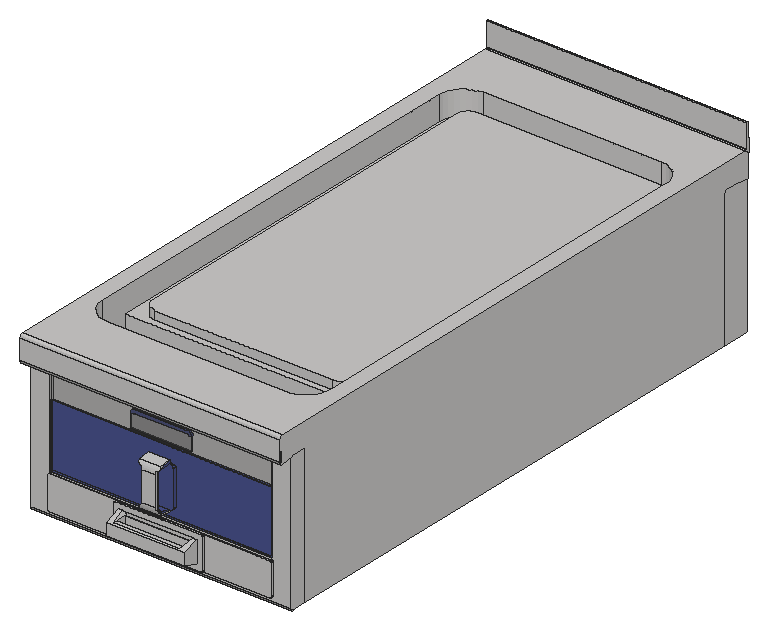
Revit family "QF_ELECTROLUXPROFESSIONAL_589089_MCHMABDOAO", category Specialty Equipment, Revit 2018
Family settings
  Round Connector Dimension = Use Diameter
  Part Type = Normal
  Work Plane-Based = No
  Always vertical = Yes
  Cut with Voids When Loaded = No
  Shared = No
  Room Calculation Point = No
Parameters
  Weight in Pounds = 152.1
  Watts = 5100 VA  # 5100 W
  Volts = 400 V  # constant formula
  URL Cutsheet = ""
  Type Mark [instance] = ""
  Status [instance] = ""
  Specification by User [instance] = ""
  Specification by Manufacturer = ""
  Show Clearance [instance] = yes
  Serial Number = ""
  Seismic Rating = ""
  SMACNA No = ""
  Revision Code [instance] = ""
  Phase = 3  # constant formula
  Omniclass Number and Title = ""
  Number of Poles [instance] = 1
  NAFEM Spec ID Number = ""
  Model = "589089"
  Min Ckt Ampacity = 0 A
  Max Overcurrent Protection = 0 A
  Masterspec = ""
  Manufacturer = "ELECTROLUX"
  Item Number [instance] = ""
  Installed By [instance] = ""
  Identify Quantity as Lot [instance] = yes
  HP = "6.8 HP"
  Furnished By [instance] = ""
  Foodservice Equipment Identifier [instance] = yes
  FL Amps [instance] = if(Phase = 3, Watts / (Volts * 1.73), Watts / Volts)  # 7.36994 A
  Electrical Remarks = "400 V/3N ph/50/60 Hz"  # constant formula
  Electric Connection Type [instance] = ""
  Elec Conn RI Height [instance] = 0 mm
  Elec Conn Connection Height [instance] = 0 mm
  Direct Waste Size = 0"
  Description = "EL.FRYTOP,SMOOTH PL,1S,BSPL,400X900X250"
  Cycle [instance] = if([60 Hertz Option], 60 Hz, 50 Hz)  # 60 Hz
  Conn Plug = ""
  Conn Conduit = yes
  CSI MasterFormat = ""
  CSI Master Format = ""
  Apparent Power [instance] = if(Phase = 3, Volts * FL Amps * 1.73, Volts * FL Amps)  # 5100 VA
  60 Hertz Option [instance] = not([50 Hertz Option])  # yes
  50 Hertz Option [instance] = no
Reference planes
  plane 1 "BACK": y = 0
  plane 2: z = 0
  plane 3 "LEFT": x = 0
  plane 4 "RIGHT": x = 400
  plane 5 "FRONT": y = -900
  plane 6 "TOP": z = 250
  plane 7: x = 200
  plane 8: y = -450
  plane 9: y = -1330
Forms (mm)
  Extrusion 1, solid, material "QF_Finishes_Stainless Steel"
    sketch origin (0, -487.128, 0) x (0, 1, 0) y (0, 0, 1)
      loop
        line (483.128, 250) -> (-408.872, 250)
        arc (-408.872, 250) -> (-411.7, 248.828) -> (-412.872, 246) r 4
        line (-412.872, 246) -> (-412.872, 214)
        arc (-412.872, 214) -> (-411.443, 210.936) -> (-408.177, 210.061) r 4
        line (-408.177, 210.061) -> (-391.509, 213) -> (-366.872, 213) -> (-366.872, 0) -> (441.128, 0) -> (441.128, 213) -> (465.765, 213) -> (482.433, 210.061)
        arc (482.433, 210.061) -> (485.699, 210.936) -> (487.128, 214) r 4
        line (487.128, 214) -> (487.128, 246)
        arc (487.128, 246) -> (485.956, 248.828) -> (483.128, 250) r 4
    from 0 to 400
  Extrusion 2, void
    sketch origin (653.786, 44.048, 250) x (1, 0, 0) y (0, -1, 0)
      loop
        line (-590.636, 133.048) -> (-316.936, 133.048)
        arc (-316.936, 133.048) -> (-289.96, 144.222) -> (-278.786, 171.198) r 38.15
        line (-278.786, 171.198) -> (-278.786, 816.572)
        arc (-278.786, 816.572) -> (-290.056, 843.779) -> (-317.263, 855.048) r 38.476
        line (-317.263, 855.048) -> (-591.786, 855.048)
        arc (-591.786, 855.048) -> (-617.949, 844.211) -> (-628.786, 818.048) r 37
        line (-628.786, 818.048) -> (-628.786, 171.198)
        arc (-628.786, 171.198) -> (-617.613, 144.222) -> (-590.636, 133.048) r 38.15
    from 0 to 37
  Extrusion 3, void
    sketch origin (1307.573, 92.096, 213) x (0, 1, 0) y (1, 0, 0)
      loop
        line (-821.846, -932.573) -> (-864.62, -932.573)
        arc (-864.62, -932.573) -> (-891.827, -943.842) -> (-903.096, -971.049) r 38.476
        line (-903.096, -971.049) -> (-903.096, -1245.573)
        arc (-903.096, -1245.573) -> (-892.259, -1271.736) -> (-866.096, -1282.573) r 37
        line (-866.096, -1282.573) -> (-821.846, -1282.573) -> (-821.846, -932.573)
    from 0 to 25.6
  Extrusion 4, void
    sketch origin (1307.573, 92.096, 187.4) x (-1, 0, 0) y (0, 1, 0)
      loop
        circle (1212.573, -862.096) r 22.248
    from 0 to 92
  Extrusion 5, solid, material "QF_Finishes_Stainless Steel"
    sketch origin (0, -854, 0) x (1, 0, 0) y (0, -1, 0)
      loop
        circle (355, -169) r 6.35
    from 0 to 3.2
  Extrusion 6, solid, material "QF_Door-Drawer Clearances", visible <- "Show Clearance", detail levels coarse
    sketch origin (237.31, -881.593, 8.62) x (0, 0, 1) y (-1, 0, 0)
      loop
        line (1.973, -134.295) -> (49.317, -134.295)
        arc (49.317, -134.295) -> (50.776, -133.691) -> (51.38, -132.232) r 2.063
        line (51.38, -132.232) -> (51.38, 206.852)
        arc (51.38, 206.852) -> (50.88, 208.549) -> (49.541, 209.705) r 3.133
        line (49.541, 209.705) -> (3.067, 209.705)
        arc (3.067, 209.705) -> (0.898, 208.807) -> (0, 206.638) r 3.067
        line (0, 206.638) -> (0, -132.322)
        arc (0, -132.322) -> (0.578, -133.717) -> (1.973, -134.295) r 1.973
    from 0 to 448.407
  Extrusion 7, solid, material "QF_Finishes_Stainless Steel"
    sketch origin (0, 0, 0) x (0, 1, 0) y (0, 0, 1)
      loop
        line (-2.951, 2) -> (-2.951, 210.133)
        arc (-2.951, 210.133) -> (-3.795, 210.009) -> (-4.646, 210.066) r 4
        line (-4.646, 210.066) -> (-21.287, 213) -> (-45, 213) -> (-45, 0) -> (-4.951, 0)
        arc (-4.951, 0) -> (-3.537, 0.586) -> (-2.951, 2) r 2
      loop
        arc (-1.951, 252.006) -> (-2.537, 250.592) -> (-3.951, 250.006) r 2
        arc (-3.951, 250.006) -> (-1.172, 248.828) -> (0, 246) r 4
        line (0, 246) -> (0, 288.006) -> (-1.951, 288.006) -> (-1.951, 252.006)
    from 400 to 0
  Extrusion 8, solid, material "QF_Finishes_Stainless Steel"
    sketch origin (653.786, 44.048, 213) x (1, 0, 0) y (0, 1, 0)
      loop
        line (-608.786, -161.361) -> (-608.786, -745.485)
        arc (-608.786, -745.485) -> (-603.47, -758.319) -> (-590.636, -763.635) r 18.15
        line (-590.636, -763.635) -> (-316.936, -763.635)
        arc (-316.936, -763.635) -> (-304.102, -758.319) -> (-298.786, -745.485) r 18.15
        line (-298.786, -745.485) -> (-298.786, -161.361)
        arc (-298.786, -161.361) -> (-304.102, -148.527) -> (-316.936, -143.211) r 18.15
        line (-316.936, -143.211) -> (-590.636, -143.211)
        arc (-590.636, -143.211) -> (-603.47, -148.527) -> (-608.786, -161.361) r 18.15
    from 0 to 13.3
Cuts and joins
  Extrusion 2, Extrusion 3, Extrusion 4 cuts Extrusion 1
Lines and regions (mm)
  symbolic lines
    curve 1: line (183.666, -902.326, 0) -> (183.666, -900, 0)
    curve 2: spline (189.334, -903.73, 0) -> (188.856, -903.657, 0) -> (188.378, -903.575, 0) -> (187.901, -903.486, 0) -> (187.425, -903.389, 0) -> (186.95, -903.283, 0) -> (186.476, -903.17, 0) -> (186.004, -903.049, 0) -> (185.533, -902.92, 0) -> (185.064, -902.783, 0) -> (184.596, -902.638, 0) -> (184.13, -902.486, 0) -> (183.666, -902.326, 0)
    curve 3: line (215.881, -902.326, 0) -> (215.881, -900, 0)
    curve 4: spline (215.881, -902.326, 0) -> (215.417, -902.486, 0) -> (214.951, -902.638, 0) -> (214.483, -902.783, 0) -> (214.014, -902.92, 0) -> (213.543, -903.049, 0) -> (213.071, -903.17, 0) -> (212.597, -903.283, 0) -> (212.122, -903.389, 0) -> (211.646, -903.486, 0) -> (211.169, -903.575, 0) -> (210.691, -903.657, 0) -> (210.213, -903.73, 0)
    curve 5: line (189.334, -903.73, 0) -> (210.213, -903.73, 0)
    curve 6: line (25, -774, 0) -> (25, -127.15, 0)
    curve 7: arc (25, -127.15, 0) -> (36.174, -100.174, 0) -> (63.15, -89, 0) r 38.15
    curve 8: line (63.15, -89, 0) -> (336.85, -89, 0)
    curve 9: arc (336.85, -89, 0) -> (363.826, -100.174, 0) -> (375, -127.15, 0) r 38.15
    curve 10: line (375, -127.15, 0) -> (375, -772.524, 0)
    curve 11: arc (375, -772.524, 0) -> (363.731, -799.731, 0) -> (336.524, -811, 0) r 38.476
    curve 12: line (336.524, -811, 0) -> (62, -811, 0)
    curve 13: arc (62, -811, 0) -> (35.837, -800.163, 0) -> (25, -774, 0) r 37
    curve 14: line (375, -729.75, 0) -> (25, -729.75, 0)
    curve 15: circle (95, -770, 0) r 22.248 normal (0, 0, -1)
    curve 16: line (0, 0, 0) -> (400, 0, 0)
    curve 17: line (0, -900, 0) -> (0, 0, 0)
    curve 18: line (400, -900, 0) -> (0, -900, 0)
    curve 19: line (400, 0, 0) -> (400, -900, 0)
    curve 20: line (147.608, -908.767, 0) -> (250.042, -908.767, 0)
    curve 21: line (250.042, -908.767, 0) -> (251.588, -900, 0)
    curve 22: line (147.608, -908.767, 0) -> (146.062, -900, 0)
  symbolic lines, style "QF_Door-Drawer Clearances"
    curve 23: line (27.605, -1330, 0) -> (27.605, -900, 0)
    curve 24: line (27.605, -1330, 0) -> (371.605, -1330, 0)
    curve 25: line (371.605, -1330, 0) -> (371.605, -900, 0)
  symbolic lines, style "SpecialityEquipment"
    curve 26: arc (355, -117.313, 0) -> (349.684, -104.479, 0) -> (336.85, -99.163, 0) r 18.15
    curve 27: line (336.85, -99.163, 0) -> (63.15, -99.163, 0)
    curve 28: arc (63.15, -99.163, 0) -> (50.316, -104.479, 0) -> (45, -117.313, 0) r 18.15
    curve 29: line (45, -117.313, 0) -> (45, -701.437, 0)
    curve 30: arc (45, -701.437, 0) -> (50.316, -714.271, 0) -> (63.15, -719.587, 0) r 18.15
    curve 31: line (63.15, -719.587, 0) -> (336.85, -719.587, 0)
    curve 32: arc (336.85, -719.587, 0) -> (349.684, -714.271, 0) -> (355, -701.437, 0) r 18.15
    curve 33: line (355, -701.437, 0) -> (355, -117.313, 0)
Dimensions and locks
  plane 3 "LEFT" to plane 4 "RIGHT" = 400 mm
  plane 5 "FRONT" to plane 1 "BACK" = 900 mm
  equal spacing: plane 3 "LEFT", plane 7, plane 4 "RIGHT"
  equal spacing: plane 5 "FRONT", plane 8, plane 1 "BACK"
  plane 6 "TOP" to level = 250 mm  (x2)
  plane 1 "BACK" to plane 5 "FRONT" = 900 mm
  Extrusion 5 sketch curve to plane 1 "BACK" = 685 mm
  Extrusion 5 sketch curve to plane 4 "RIGHT" = 45 mm
  plane 5 "FRONT" to plane 9 = 430 mm
  Extrusion 7 to plane 6 "TOP" = 38.006 mm
  Extrusion 7 to level = 288.006 mm
  plane 1 "BACK" to Extrusion 5 = 685 mm
  radius of Extrusion 8 sketch curve = 18.15 mm  (x4)
  aligned and locked: level to plane 2
  aligned and locked: plane 7 to nested 1
  aligned and locked: Extrusion 6 to plane 9
  aligned and locked: Extrusion 7 to plane 4 "RIGHT"
Automatic sketch dimensions
  Extrusion 1 to Extrusion 2 sketch curve = 85 mm  (x2)
  Extrusion 1 to Extrusion 2 sketch curve = 122 mm
  Extrusion 1 to Extrusion 2 sketch curve = 25 mm
  Extrusion 2 sketch curve to Extrusion 2 sketch curve = 38.15 mm  (x2)
  Extrusion 1 to Extrusion 2 sketch curve = 123.476 mm
  Extrusion 2 sketch curve to Extrusion 2 sketch curve = 274.524 mm
  Extrusion 1 sketch curve to plane 5 "FRONT" = 0 mm
  Extrusion 1 sketch curve to plane 6 "TOP" = 0 mm
  Extrusion 1 sketch curve to level = 0 mm
  Extrusion 1 sketch curve to plane 1 "BACK" = 0 mm
  Extrusion 1 sketch curve to plane 6 "TOP" = 37 mm  (x2)
  Extrusion 1 sketch curve to plane 5 "FRONT" = 4 mm
  Extrusion 1 sketch curve to plane 5 "FRONT" = 21.363 mm
  Extrusion 1 sketch curve to plane 5 "FRONT" = 46 mm
  plane 1 "BACK" to Extrusion 1 sketch curve = 21.363 mm
  plane 1 "BACK" to Extrusion 1 sketch curve = 4 mm  (x2)
  Extrusion 1 sketch curve to Extrusion 1 sketch curve = 4 mm
  Extrusion 1 sketch curve to Extrusion 1 sketch curve = 0.695 mm
  Extrusion 1 sketch curve to Extrusion 1 sketch curve = 0 mm  (x4)
  plane 1 "BACK" to Extrusion 1 sketch curve = 4.695 mm
  Extrusion 1 sketch curve to Extrusion 1 sketch curve = 1 mm  (x2)
  plane 1 "BACK" to Extrusion 1 sketch curve = 46 mm
  Extrusion 3 sketch curve to Extrusion 2 = 81.25 mm
  Extrusion 2 to Extrusion 3 sketch curve = 0 mm  (x2)
  Extrusion 3 sketch curve to Extrusion 3 sketch curve = 37 mm
  Extrusion 3 sketch curve to Extrusion 3 sketch curve = 274.524 mm
  Extrusion 3 sketch curve to Extrusion 2 = 38.476 mm
  Extrusion 4 sketch curve to Extrusion 3 = 41 mm
  Extrusion 4 sketch curve to Extrusion 3 = 70 mm
  Extrusion 6 sketch curve to nested 1 = 1.973 mm
  Extrusion 6 sketch curve to nested 1 = 2.853 mm
  Extrusion 6 sketch curve to nested 1 = 1.839 mm
  plane 1 "BACK" to curve 16 = 0 mm
  curve 16 to plane 4 "RIGHT" = 0 mm
  curve 23 to plane 9 = 0 mm
  curve 17 to plane 3 "LEFT" = 0 mm
  plane 5 "FRONT" to curve 25 = 0 mm
  plane 4 "RIGHT" to curve 10 = 25 mm
  curve 10 to curve 8 = 38.15 mm
  curve 11 to curve 12 = 38.476 mm
  plane 5 "FRONT" to curve 21 = 8.767 mm
  plane 5 "FRONT" to curve 3 = 2.326 mm
  plane 7 to curve 3 = 15.881 mm
  plane 5 "FRONT" to curve 5 = 3.73 mm
  curve 3 to curve 5 = 5.669 mm
  curve 5 to curve 22 = 62.605 mm
  curve 5 to curve 20 = 41.727 mm
  plane 5 "FRONT" to curve 1 = 2.326 mm
  curve 2 to curve 1 = 5.669 mm
  plane 3 "LEFT" to curve 8 = 63.15 mm
  plane 3 "LEFT" to curve 12 = 62 mm
  plane 3 "LEFT" to curve 23 = 27.605 mm
  plane 3 "LEFT" to curve 6 = 25 mm
  plane 4 "RIGHT" to curve 25 = 28.395 mm
  plane 5 "FRONT" to curve 4 = 4.032 mm
  curve 5 to curve 4 = 4.17 mm
  curve 4 to curve 22 = 59.98 mm
  curve 4 to curve 2 = 12.538 mm
  curve 15 to curve 13 = 33 mm
  plane 1 "BACK" to curve 8 = 89 mm
  curve 10 to plane 5 "FRONT" = 127.476 mm
  curve 14 to curve 13 = 44.25 mm
  curve 15 to curve 13 = 4 mm
  curve 2 to curve 4 = 0 mm
  Extrusion 7 sketch curve to level = 0 mm
  Extrusion 7 sketch curve to plane 1 "BACK" = 0 mm  (x2)
  level to Extrusion 7 sketch curve = 2 mm
  Extrusion 7 sketch curve to plane 6 "TOP" = 0 mm
  plane 1 "BACK" to Extrusion 7 sketch curve = 1.951 mm
  plane 1 "BACK" to Extrusion 7 sketch curve = 2.951 mm
  Extrusion 7 sketch curve to Extrusion 7 sketch curve = 18.335 mm
  Extrusion 7 sketch curve to Extrusion 7 sketch curve = 40.049 mm
  Extrusion 7 sketch curve to Extrusion 7 sketch curve = 1.695 mm
  Extrusion 7 sketch curve to Extrusion 7 sketch curve = 0 mm  (x3)
  plane 1 "BACK" to Extrusion 7 sketch curve = 4 mm
  plane 1 "BACK" to Extrusion 7 sketch curve = 3.951 mm
  Extrusion 7 sketch curve to Extrusion 7 sketch curve = 2 mm
  Extrusion 7 sketch curve to Extrusion 7 sketch curve = 35.867 mm
  Extrusion 7 sketch curve to plane 6 "TOP" = 37 mm
  plane 6 "TOP" to Extrusion 7 sketch curve = 2.006 mm
  Extrusion 7 sketch curve to Extrusion 7 sketch curve = 36 mm
  Extrusion 7 sketch curve to Extrusion 7 sketch curve = 0.066 mm
  Extrusion 8 sketch curve to Extrusion 2 = 20 mm
  Extrusion 8 sketch curve to Extrusion 2 = 91.413 mm
  Extrusion 8 sketch curve to Extrusion 2 = 38.15 mm
  Extrusion 8 sketch curve to Extrusion 2 = 28.313 mm
  Extrusion 8 sketch curve to Extrusion 8 sketch curve = 0 mm
  plane 4 "RIGHT" to curve 33 = 45 mm
  plane 3 "LEFT" to curve 27 = 63.15 mm
  plane 1 "BACK" to curve 27 = 99.163 mm
  curve 27 to curve 8 = 0 mm
  curve 32 to curve 31 = 18.15 mm
  curve 31 to curve 14 = 38.15 mm
  curve 28 to curve 29 = 18.15 mm
  curve 29 to curve 14 = 28.313 mm
  plane 7 to curve 20 = 50.042 mm
  curve 21 to curve 20 = 1.546 mm
  radius of Extrusion 4 sketch curve = 22.248 mm
  radius of Extrusion 5 sketch curve = 6.35 mm
  radius of Extrusion 6 sketch curve to nested 1 = 0 mm  (x2)
  radius of curve 15 = 22.248 mm
Nested families
  nested 1: "EG_900_400 Front Panel with Center Grease Trap" at (202.376, -854, -650), type "EG_900_400 Front Panel with Center Grease Trap"
Connectors
  electrical at (355, -685, -3.2), driven by "Volts", driven by "Watts"
    settings: on Extrusion 5, index 1, voltage 400 V, apparent load 5100 VA, apparent load phase1 0 VA, apparent load phase2 0 VA, apparent load phase3 0 VA, power factor 1, load classification "Other", number of poles 1, system type 30, power factor state 1, is connector primary yes, connector utility no, sub classification motor no, connector description "ELECTRICAL CONNECTION"
Definition of nested family "EG_900_400 Front Panel with Center Grease Trap"
  Reference planes
    plane 1 "Center (Front/Back)": y = 0
    plane 2: z = 0
    plane 3 "Center (Left/Right)": x = -2.376
    plane 4: x = -202.376
    plane 5: x = 197.624
  Forms (mm)
    Extrusion 1, solid
      sketch origin (833.217, 829.203, -1.25) x (0, 1, 0) y (0, 0, 1)
        loop
          arc (-854.203, 654.25) -> (-853.324, 652.129) -> (-851.203, 651.25) r 3
          line (-851.203, 651.25) -> (-829.203, 651.25) -> (-829.203, 864.25) -> (-854.203, 864.25) -> (-854.203, 654.25)
      from -1035.593 to -635.593
    Extrusion 2, void
      sketch origin (33.217, 829.203, -1.25) x (1, 0, 0) y (0, 0, 1)
        loop
          line (-207.593, 855.116) -> (-207.593, 713.116) -> (136.407, 713.116) -> (136.407, 855.116) -> (-207.593, 855.116)
      from 848.59 to 854.203
  Cuts and joins
    Extrusion 2 cuts Extrusion 1
  Dimensions and locks
    equal spacing: plane 5, plane 3 "Center (Left/Right)", plane 4
    plane 5 to plane 4 = 400 mm
    aligned and locked: cut or joined group of Extrusion 1, Extrusion 2 to plane 4
    aligned and locked: plane 5 to cut or joined group of Extrusion 1, Extrusion 2
    aligned and locked: plane 3 "Center (Left/Right)" to nested 2
    aligned and locked: cut or joined group of Extrusion 1, Extrusion 2 to nested 2
    aligned and locked: plane 3 "Center (Left/Right)" to nested 1
    aligned and locked: plane 3 "Center (Left/Right)" to nested 3
  Automatic sketch dimensions
    Extrusion 1 sketch curve to plane 1 "Center (Front/Back)" = 0 mm
    plane 1 "Center (Front/Back)" to Extrusion 1 sketch curve = 22 mm
    Extrusion 1 sketch curve to Extrusion 1 sketch curve = 3 mm
    level to Extrusion 1 sketch curve = 650 mm
    Extrusion 1 sketch curve to Extrusion 1 sketch curve = 210 mm
    plane 4 to Extrusion 2 sketch curve = 28 mm
    Extrusion 2 sketch curve to plane 5 = 28 mm
    level to Extrusion 2 sketch curve = 711.866 mm
    Extrusion 2 sketch curve to Extrusion 2 sketch curve = 142 mm
  Nested families
    nested 1: "Range Control Handle" at (-2.376, -28.137, -209.113) x (-1, 0, 0) z (0, 0, 1), type "Range Control Handle"
    nested 2: "glass conrol panel" at (-2.376, 280.644, 2.752), type "glass conrol panel"
    nested 3: "grease trap door" at (65.223, -25, 0.608) x (-1, 0, 0) z (0, 0, 1), type "grease trap door"
  Definition of nested family "Range Control Handle"
    Reference planes
      plane 1 "Center (Front/Back)": y = 0
      plane 2: z = 0
      plane 3 "Center (Left/Right)": x = 0
      plane 4: z = 971.092
    Forms (mm)
      Extrusion 1, solid
        sketch origin (-746.28, 380.497, 208.931) x (-1, 0, 0) y (0, 0, 1)
          loop
            line (-770.101, 786.798) -> (-770.101, 731.649)
            arc (-770.101, 731.649) -> (-769.759, 730.563) -> (-768.855, 729.87) r 1.893
            line (-768.855, 729.87) -> (-763.474, 727.911) -> (-729.81, 727.911) -> (-724.428, 729.87)
            arc (-724.428, 729.87) -> (-723.525, 730.563) -> (-723.183, 731.649) r 1.893
            line (-723.183, 731.649) -> (-723.183, 786.798)
            arc (-723.183, 786.798) -> (-723.529, 787.894) -> (-724.44, 788.593) r 1.91
            line (-724.44, 788.593) -> (-729.683, 790.819) -> (-763.601, 790.819) -> (-768.844, 788.593)
            arc (-768.844, 788.593) -> (-769.755, 787.894) -> (-770.101, 786.798) r 1.91
        from -382.35 to -378.852
      Sweep 2, solid
        path origin (-746.788, 380.496, 208.091) x (0, -1, 0) y (0, 0, 1)
          loop
            line (379.775, 793.281) -> (395.661, 791.048)
            arc (395.661, 791.048) -> (397.781, 787.377) -> (398.517, 783.202) r 12.207
            line (398.517, 783.202) -> (398.517, 737.368)
            arc (398.517, 737.368) -> (397.781, 733.193) -> (395.661, 729.522) r 12.207
            line (395.661, 729.522) -> (379.775, 727.289)
        profile origin (-746.788, -7.222, 1000.256) x (0, -0.139173, 0.990268) y (-1, 0, 0)
          loop
            line (0.782, -763.123) -> (0.782, -730.907) -> (-1.322, -730.907) -> (-1.322, -763.123) -> (0.782, -763.123)
      Sweep 3, solid
        path origin (-746.788, 380.715, 207.832) x (0, -1, 0) y (0, 0, 1)
          loop
            line (380.478, 795.442) -> (397.218, 793.09)
            arc (397.218, 793.09) -> (399.929, 788.473) -> (400.871, 783.202) r 15.207
            line (400.871, 783.202) -> (400.871, 737.584)
            arc (400.871, 737.584) -> (399.914, 732.274) -> (397.164, 727.633) r 15.207
            line (397.164, 727.633) -> (380.601, 725.305)
        profile origin (-746.788, -8.132, 1002.099) x (0, -0.139173, 0.990268) y (-1, 0, 0)
          loop
            line (0.782, -763.123) -> (0.782, -730.907) -> (-1.322, -730.907) -> (-1.322, -763.123) -> (0.782, -763.123)
      Extrusion 4, void
        sketch origin (889.253, 220.666, 207.993) x (1, 0, 0) y (0, 0, 1)
          loop
            line (-943.038, 816.854) -> (-943.038, 703.686) -> (-899.466, 734.196) -> (-899.466, 786.344) -> (-943.038, 816.854)
        from 230.636 to 242.25
      Extrusion 5, void
        sketch origin (-888.8, 220.666, 207.993) x (-1, 0, 0) y (0, 0, -1)
          loop
            line (-943.038, -816.854) -> (-899.466, -786.344) -> (-899.466, -734.196) -> (-943.038, -703.686) -> (-943.038, -816.854)
        from 230.636 to 242.25
      Extrusion 6, solid
        sketch origin (0, 0, 0) x (1, 0, 0) y (0, 0, 1)
          loop
            circle (0, 971.092) r 7.736
        from -3.137 to -1.645
    Cuts and joins
      Extrusion 4, Extrusion 5 cuts Sweep 3
      Extrusion 4, Extrusion 5 cuts Sweep 2
      joined: Extrusion 1, Extrusion 6
    Lines and regions (mm)
      symbolic lines
        curve 1: line (23.821, 1.645, 0) -> (-23.097, 1.645, 0)
        curve 2: line (16.334, -1.853, 0) -> (23.821, -1.853, 0)
        curve 3: line (-15.881, -19.189, 0) -> (-15.881, -1.853, 0)
        curve 4: line (-23.097, -1.853, 0) -> (-15.881, -1.853, 0)
        curve 5: line (16.334, -19.189, 0) -> (16.334, -1.853, 0)
        curve 6: spline (-15.881, -19.189, 0) -> (-15.417, -19.349, 0) -> (-14.951, -19.501, 0) -> (-14.483, -19.646, 0) -> (-14.014, -19.783, 0) -> (-13.543, -19.912, 0) -> (-13.071, -20.033, 0) -> (-12.597, -20.146, 0) -> (-12.122, -20.251, 0) -> (-11.646, -20.349, 0) -> (-11.169, -20.438, 0) -> (-10.691, -20.52, 0) -> (-10.213, -20.593, 0)
        curve 7: spline (10.666, -20.593, 0) -> (11.144, -20.52, 0) -> (11.622, -20.438, 0) -> (12.099, -20.349, 0) -> (12.575, -20.251, 0) -> (13.05, -20.146, 0) -> (13.524, -20.033, 0) -> (13.996, -19.912, 0) -> (14.467, -19.783, 0) -> (14.936, -19.646, 0) -> (15.404, -19.501, 0) -> (15.87, -19.349, 0) -> (16.334, -19.189, 0)
        curve 8: line (-10.213, -20.938, 0) -> (10.716, -20.938, 0)
        curve 9: line (-23.097, 1.645, 0) -> (-23.097, -1.853, 0)
        curve 10: line (23.821, 1.645, 0) -> (23.821, -1.853, 0)
  Definition of nested family "glass conrol panel"
    Reference planes
      plane 1 "Center (Front/Back)": y = 0
      plane 2: z = 0
      plane 3 "Center (Left/Right)": x = 0
    Forms (mm)
      Extrusion 1, solid
        sketch origin (378.286, 0, 0.617) x (1, 0, 0) y (0, 0, 1)
          loop
            line (-550.286, 806.791) -> (-550.286, 708.497) -> (-206.286, 708.497) -> (-206.286, 806.791) -> (-550.286, 806.791)
        from 300.031 to 304.8
      Extrusion 2, solid
        sketch origin (378.286, 0, 0.617) x (1, 0, 0) y (0, 0, 1)
          loop
            line (-550.286, 850.497) -> (-550.286, 806.791) -> (-206.286, 806.791) -> (-206.286, 850.497) -> (-550.286, 850.497)
        from 300.031 to 304.8
      Extrusion 3, void
        sketch origin (378.286, 0, 0.617) x (1, 0, 0) y (0, 0, 1)
          loop
            line (-547.628, 847.565) -> (-547.628, 710.699) -> (-209.196, 710.699) -> (-209.196, 847.565) -> (-547.628, 847.565)
        from 303.697 to 304.8
      Extrusion 4, solid
        sketch origin (-308.309, 1.101, -0.633) x (-1, 0, 0) y (0, 0, -1)
          loop
            line (-261.431, -812.62) -> (-355.186, -812.62) -> (-355.186, -834.177) -> (-350.269, -834.177) -> (-348.469, -835.977) -> (-268.039, -835.977) -> (-266.24, -834.177) -> (-261.431, -834.177) -> (-261.431, -812.62)
        from 304.798 to 306.745
      Extrusion 5, solid
        sketch origin (-308.309, 1.101, -0.633) x (-1, 0, 0) y (0, 0, -1)
          loop
            line (-350.269, -834.177) -> (-355.078, -834.177)
            arc (-355.078, -834.177) -> (-353.942, -838.747) -> (-349.686, -840.763) r 5.5
            line (-349.686, -840.763) -> (-266.98, -840.763)
            arc (-266.98, -840.763) -> (-262.706, -838.752) -> (-261.529, -834.177) r 5.549
            line (-261.529, -834.177) -> (-266.24, -834.177) -> (-268.039, -835.977) -> (-348.469, -835.977) -> (-350.269, -834.177)
        from 304.798 to 306.745
    Cuts and joins
      Extrusion 3 cuts Extrusion 1
      Extrusion 3 cuts Extrusion 2
    Dimensions and locks
      aligned and locked: Extrusion 1 to Extrusion 2
      aligned and locked: Extrusion 5 sketch curve to Extrusion 4  (x5)
      aligned and locked: Extrusion 5 to Extrusion 4
  Definition of nested family "grease trap door"
    Reference planes
      plane 1 "Center (Front/Back)": y = 0
      plane 2: z = 0
      plane 3 "Center (Left/Right)": x = 0
    Forms (mm)
      Extrusion 1, solid
        sketch origin (1627.55, 854.203, -1.25) x (1, 0, 0) y (0, 0, 1)
          loop
            arc (-1627.55, 661.235) -> (-1626.972, 659.84) -> (-1625.577, 659.262) r 1.973
            line (-1625.577, 659.262) -> (-1494.325, 659.262)
            arc (-1494.325, 659.262) -> (-1492.156, 660.16) -> (-1491.258, 662.329) r 3.067
            line (-1491.258, 662.329) -> (-1491.258, 708.803)
            arc (-1491.258, 708.803) -> (-1492.414, 710.143) -> (-1494.111, 710.642) r 3.133
            line (-1494.111, 710.642) -> (-1625.486, 710.642)
            arc (-1625.486, 710.642) -> (-1626.945, 710.038) -> (-1627.55, 708.579) r 2.063
            line (-1627.55, 708.579) -> (-1627.55, 661.235)
        from 856.795 to 859.203
      Extrusion 2, solid
        sketch origin (445.874, 2476.61, 0) x (0, 1, 0) y (0, 0, 1)
          loop
            line (-2506.377, 675.273) -> (-2481.61, 667.505) -> (-2481.61, 700.995) -> (-2506.377, 693.227) -> (-2506.377, 675.273)
        from -437.68 to -317.68
      Extrusion 3, void
        sketch origin (1627.55, 854.203, -1.25) x (1, 0, 0) y (0, 0, 1)
          loop
            line (-1614.883, 703) -> (-1610.542, 695.433) -> (-1508.17, 695.433) -> (-1503.828, 703) -> (-1614.883, 703)
          loop
            line (-1614.883, 668) -> (-1502.669, 668) -> (-1507.01, 675.567) -> (-1610.542, 675.567) -> (-1614.883, 668)
        from 832.916 to 883.97
      Extrusion 4, void
        sketch origin (447.55, 854.203, -1.25) x (1, 0, 0) y (0, 0, 1)
          loop
            line (-430.542, 695.433) -> (-430.542, 675.567) -> (-328.17, 675.567) -> (-328.17, 695.433) -> (-430.542, 695.433)
        from 859.203 to 874.202
      Extrusion 5, solid
        sketch origin (1627.55, 854.203, -1.25) x (1, 0, 0) y (0, 0, 1)
          loop
            arc (-1731.556, 661.235) -> (-1730.978, 659.84) -> (-1729.583, 659.262) r 1.973
            line (-1729.583, 659.262) -> (-1390.623, 659.262)
            arc (-1390.623, 659.262) -> (-1388.454, 660.16) -> (-1387.556, 662.329) r 3.067
            line (-1387.556, 662.329) -> (-1387.556, 708.803)
            arc (-1387.556, 708.803) -> (-1388.712, 710.143) -> (-1390.409, 710.642) r 3.133
            line (-1390.409, 710.642) -> (-1729.493, 710.642)
            arc (-1729.493, 710.642) -> (-1730.952, 710.038) -> (-1731.556, 708.579) r 2.063
            line (-1731.556, 708.579) -> (-1731.556, 661.235)
        from 854.203 to 856.795
    Cuts and joins
      Extrusion 3 cuts Extrusion 1
      Extrusion 3, Extrusion 4 cuts Extrusion 2
      joined: Extrusion 1, Extrusion 2
    Lines and regions (mm)
      symbolic lines
        curve 1: line (0, -2.593, 0) -> (136.292, -2.593, 0)
        curve 2: line (17.557, -29.767, 0) -> (12.667, -2.593, 0)
        curve 3: line (17.557, -29.767, 0) -> (119.991, -29.767, 0)
        curve 4: line (119.991, -29.767, 0) -> (124.881, -2.593, 0)
        curve 5: line (68.146, -2.593, 0) -> (68.146, -29.767, 0)
      model lines
        curve 6: line (67.599, 0, 658.012) -> (67.599, 0, 709.392)
    Dimensions and locks
      aligned and locked: Extrusion 2 to Extrusion 1
      aligned and locked: Extrusion 3 to Extrusion 2
      aligned and locked: Extrusion 4 to Extrusion 1
